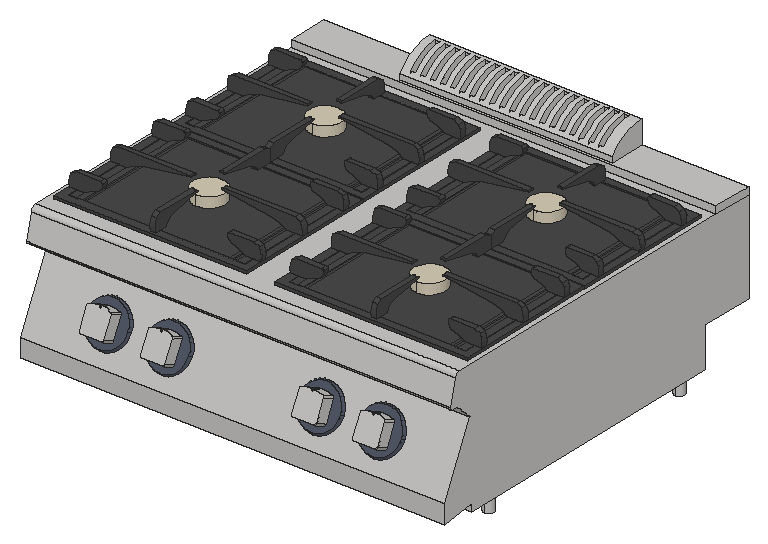
Revit family "QF_ZANUSSI_372001_Z7GCGH4C00", category Specialty Equipment, Revit 2018
Family settings
  Round Connector Dimension = Use Diameter
  Part Type = Normal
  Work Plane-Based = No
  Always vertical = Yes
  Cut with Voids When Loaded = No
  Shared = No
  Room Calculation Point = No
Parameters
  Width = 800 mm  # constant formula
  Weight in Pounds = 88  # constant formula
  Weight = 0.00 kg
  Watts = 0 W
  Volts = 0 V
  URL Manufacturer = "http://www.zanussiprofessional.com"
  URL Cutsheet = "www.electrolux.com"
  URL = "http://www.zanussiprofessional.com"
  Type Mark [instance] = ""
  Steam Supply Size = 0"
  Steam Supply Minimum Pressure = 0.00 psi
  Steam Supply Maximum Pressure = 0.00 psi
  Steam Pounds per Hour = 0
  Status [instance] = ""
  Specification by User [instance] = ""
  Specification by Manufacturer = ""
  Show Logo [instance] = yes
  Show Clearance [instance] = yes
  Serial Number = ""
  Seismic Rating = ""
  SMACNA No = ""
  Revision Code [instance] = ""
  Refrigeration Suction Line Size = 0"
  Refrigeration Liquid Line Size = 0"
  Refrigerant Compressor Remote = yes
  Phase = 0
  Omniclass Number and Title = ""
  NAFEM Spec ID Number = ""
  Model = "Z7GCGH4C00"
  Mechanical Remarks [instance] = ""
  Mechanical Connection Type [instance] = ""
  Masterspec = ""
  Manufacturer = "Zanussi"
  Length Actual = 800 mm  # constant formula
  Item Number [instance] = "372001"
  Installed By [instance] = ""
  Identify Quantity as Lot [instance] = yes
  Hot Water Size = 0"
  Height Actual = 250 mm  # constant formula
  Height = 250 mm  # constant formula
  HP = "0 HP"
  Gas Size = 1/2"  # constant formula
  Gas RI Height [instance] = 0 mm
  Gas KW [instance] = 22  # constant formula
  Gas Input [instance] = 74998.0 Btu/h  # constant formula
  Gas Connection Height = 0 mm
  Furnished By [instance] = ""
  Foodservice Equipment Identifier [instance] = yes
  Direct Waste Size = 0"
  Description = "4-BURNER GAS BOILING TOP 800 MM"
  Depth Actual = 700 mm  # constant formula
  Depth = 715 mm  # constant formula
  Cycle = 0 Hz
  Condensate Return Size = 0"
  Compressed Air Volume = 0 GPM
  Compressed Air Size = 0"
  Compressed Air Pressure = 0.00 psi
  Cold Water Size = 0"
  CSI MasterFormat = ""
  CSI Master Format = ""
  Assembly Code = ""
  Accessory = yes
Reference planes
  plane 1 "BACK": y = 0
  plane 2: z = 0
  plane 3 "LEFT": x = 0
  plane 4 "RIGHT": x = 800
  plane 5 "FRONT": y = -715
  plane 6 "TOP": z = 302
  plane 7 "Center Y": x = 400
  plane 8 "Center X": y = -357.5
  plane 9 "Base Height": z = 24
  plane 10: z = 274
  plane 11: z = 332
  plane 12: through (-6096, -654.982, 186.002) normal (0, -0.8956, 0.4448)
Forms (mm)
  Extrusion 1, solid, material "QF_Finishes_Stainless Steel"
    sketch origin (0, 0, 0) x (0, 1, 0) y (0, 0, 1)
      loop
        line (0, 98.613) -> (0, 274.85) -> (-679.358, 274.85)
        arc (-679.358, 274.85) -> (-685.633, 272.251) -> (-688.233, 265.976) r 8.874
        line (-688.233, 265.976) -> (-699.884, 221.036)
        arc (-699.884, 221.036) -> (-699.396, 218.404) -> (-697, 217.209) r 3
        line (-697, 217.209) -> (-686.802, 217.209) -> (-654.982, 185.389) -> (-715, 65.333) -> (-715, 30.333) -> (-654.755, 38.8)
        arc (-654.755, 38.8) -> (-652.231, 38.052) -> (-651.138, 35.656) r 3.175
        line (-651.138, 35.656) -> (-651.138, 24) -> (-103.188, 24) -> (-103.188, 98.613) -> (0, 98.613)
    from 0 to 800
  Extrusion 2, solid, material "QF_Finishes_Stainless Steel"
    sketch origin (0, 0, 0) x (0, 1, 0) y (0, 0, 1)
      loop
        line (0, 274) -> (0, 287.713) -> (-76.2, 287.713) -> (-76.2, 274) -> (0, 274)
    from 0 to 800
  Extrusion 3, solid, material "QF_Finishes_Stainless Steel"
    sketch origin (0, 0, 0) x (1, 0, 0) y (0, 1, 0)
      loop
        circle (11.112, -147.826) r 9.525
      loop
        circle (788.888, -147.826) r 9.525
      loop
        circle (11.112, -598) r 9.525
      loop
        circle (788.888, -598) r 9.525
    from 0 to 23.812
  Extrusion 4, solid, material "QF_Finishes_Clearance", visible <- "Show Clearance", detail levels coarse
    sketch origin (0, 0, 0) x (1, 0, 0) y (0, 1, 0)
      loop
        line (0, -715) -> (0, 0) -> (800, 0) -> (800, -715) -> (900, -715) -> (900, 100) -> (-100, 100) -> (-100, -715) -> (0, -715)
    from 0 to 331.787
  Extrusion 5, void
    sketch origin (234.989, 0, 288.925) x (-1, 0, 0) y (0, -1, 0)
      loop
        line (-335.017, 6.761) -> (-335.017, 63.911) -> (-344.313, 63.911) -> (-344.313, 6.761) -> (-335.017, 6.761)
      loop
        line (-316.325, 6.761) -> (-316.325, 63.911) -> (-325.62, 63.911) -> (-325.62, 6.761) -> (-316.325, 6.761)
      loop
        line (-297.632, 6.761) -> (-297.632, 63.911) -> (-306.928, 63.911) -> (-306.928, 6.761) -> (-297.632, 6.761)
      loop
        line (-278.94, 6.761) -> (-278.94, 63.911) -> (-288.235, 63.911) -> (-288.235, 6.761) -> (-278.94, 6.761)
      loop
        line (-260.247, 6.761) -> (-260.247, 63.911) -> (-269.543, 63.911) -> (-269.543, 6.761) -> (-260.247, 6.761)
      loop
        line (-241.554, 6.761) -> (-241.554, 63.911) -> (-250.85, 63.911) -> (-250.85, 6.761) -> (-241.554, 6.761)
      loop
        line (-222.862, 6.761) -> (-222.862, 63.911) -> (-232.157, 63.911) -> (-232.157, 6.761) -> (-222.862, 6.761)
      loop
        line (-204.169, 6.761) -> (-204.169, 63.911) -> (-213.465, 63.911) -> (-213.465, 6.761) -> (-204.169, 6.761)
      loop
        line (-185.476, 6.761) -> (-185.476, 63.911) -> (-194.772, 63.911) -> (-194.772, 6.761) -> (-185.476, 6.761)
      loop
        line (-166.784, 6.761) -> (-166.784, 63.911) -> (-176.08, 63.911) -> (-176.08, 6.761) -> (-166.784, 6.761)
      loop
        line (-148.091, 6.761) -> (-148.091, 63.911) -> (-157.387, 63.911) -> (-157.387, 6.761) -> (-148.091, 6.761)
      loop
        line (-129.399, 6.761) -> (-129.399, 63.911) -> (-138.694, 63.911) -> (-138.694, 6.761) -> (-129.399, 6.761)
      loop
        line (-110.706, 6.761) -> (-110.706, 63.911) -> (-120.002, 63.911) -> (-120.002, 6.761) -> (-110.706, 6.761)
      loop
        line (-92.013, 6.761) -> (-92.013, 63.911) -> (-101.309, 63.911) -> (-101.309, 6.761) -> (-92.013, 6.761)
      loop
        line (-73.321, 6.761) -> (-73.321, 63.911) -> (-82.617, 63.911) -> (-82.617, 6.761) -> (-73.321, 6.761)
      loop
        line (-54.628, 6.761) -> (-54.628, 63.911) -> (-63.924, 63.911) -> (-63.924, 6.761) -> (-54.628, 6.761)
      loop
        line (-35.936, 6.761) -> (-35.936, 63.911) -> (-45.231, 63.911) -> (-45.231, 6.761) -> (-35.936, 6.761)
      loop
        line (-17.243, 6.761) -> (-17.243, 63.911) -> (-26.539, 63.911) -> (-26.539, 6.761) -> (-17.243, 6.761)
      loop
        line (1.45, 6.761) -> (1.45, 63.911) -> (-7.846, 63.911) -> (-7.846, 6.761) -> (1.45, 6.761)
      loop
        line (20.142, 6.761) -> (20.142, 63.911) -> (10.846, 63.911) -> (10.846, 6.761) -> (20.142, 6.761)
    from 9.525 to 45.348
  Extrusion 6, solid, material "QF_Finishes_Stainless Steel"
    sketch origin (200, 0, 14.288) x (0, 1, 0) y (0, 0, 1)
      loop
        line (0, 273.425) -> (0, 317.712)
        arc (0, 317.712) -> (-39.205, 308.931) -> (-69.85, 282.95) r 84.021
        line (-69.85, 282.95) -> (-69.85, 273.425) -> (0, 273.425)
    from 0 to 400
  Blend 7, solid, material "QF_Finishes_Navy Blue"
    base sketch origin (142.5, -684.991, 125.574) x (1, 0, 0) y (0, 0.444781, 0.895639)
      loop
        circle (0, 0) r 42.5
    top sketch origin (142.5, -684.991, 125.574) x (1, 0, 0) y (0, 0.444781, 0.895639)
      loop
        circle (0, 0) r 40.5
    from 0 to 5
  Extrusion 8, solid, material "QF_Finishes_Stainless Steel"
    sketch origin (142.5, -684.991, 125.574) x (1, 0, 0) y (0, 0.444781, 0.895639)
      loop
        arc (-21.147, 22.789) -> (-22.494, 21.685) -> (-23, 20.019) r 2.997
        line (-23, 20.019) -> (-23, -20.019)
        arc (-23, -20.019) -> (-22.122, -22.138) -> (-20.003, -23.016) r 2.997
        line (-20.003, -23.016) -> (20.003, -23.016)
        arc (20.003, -23.016) -> (22.122, -22.138) -> (23, -20.019) r 2.997
        line (23, -20.019) -> (23, 20.019)
        arc (23, 20.019) -> (22.494, 21.685) -> (21.147, 22.789) r 2.997
        arc (21.147, 22.789) -> (0, 26.984) -> (-21.147, 22.789) r 55.4
    from 10 to 34
  Extrusion 9, solid, material "QF_Plastic-Black-Matte"
    sketch origin (200, -684.991, 125.574) x (0, 0.444781, 0.895639) y (0, -0.895639, 0.444781)
      loop
        line (26.984, 34) -> (26.984, 19) -> (27.984, 19) -> (27.984, 34)
        arc (27.984, 34) -> (27.691, 34.707) -> (26.984, 35) r 1
        line (26.984, 35) -> (23.984, 35) -> (23.984, 34) -> (26.984, 34)
    from -58.5 to -56.5
  Extrusion 10, solid, material "QF_Finishes_Stainless Steel"
    sketch origin (142.5, -684.991, 125.574) x (1, 0, 0) y (0, 0.444781, 0.895639)
      loop
        line (17.5, 17.5) -> (-17.5, 17.5) -> (-17.5, -17.5) -> (17.5, -17.5) -> (17.5, 17.5)
    from 5 to 10
  Extrusion 11, solid, material "QF_Plastic-Black-Matte"
    sketch origin (200, -684.991, 125.574) x (0, 0.444781, 0.895639) y (0, 0.895639, -0.444781)
      loop
        line (26.984, -34) -> (23.984, -34) -> (23.984, -35) -> (26.984, -35)
        arc (26.984, -35) -> (27.691, -34.707) -> (27.984, -34) r 1
        line (27.984, -34) -> (27.984, -19) -> (26.984, -19) -> (26.984, -34)
    from -58.5 to -56.5
  Extrusion 12, solid, material "QF_Finishes_Stainless Steel"
    sketch origin (257.5, -684.991, 125.574) x (-1, 0, 0) y (0, -0.444781, -0.895639)
      loop
        line (17.5, -17.5) -> (17.5, 17.5) -> (-17.5, 17.5) -> (-17.5, -17.5) -> (17.5, -17.5)
    from 5 to 10
  Blend 13, solid, material "QF_Finishes_Navy Blue"
    base sketch origin (257.5, -684.991, 125.574) x (1, 0, 0) y (0, 0.444781, 0.895639)
      loop
        circle (0, 0) r 42.5
    top sketch origin (257.5, -684.991, 125.574) x (1, 0, 0) y (0, 0.444781, 0.895639)
      loop
        circle (0, 0) r 40.5
    from 0 to 5
  Extrusion 14, solid, material "QF_Finishes_Stainless Steel"
    sketch origin (257.5, -684.991, 125.574) x (-1, 0, 0) y (0, -0.444781, -0.895639)
      loop
        arc (-21.147, -22.789) -> (0, -26.984) -> (21.147, -22.789) r 55.4
        arc (21.147, -22.789) -> (22.494, -21.685) -> (23, -20.019) r 2.997
        line (23, -20.019) -> (23, 20.019)
        arc (23, 20.019) -> (22.122, 22.138) -> (20.003, 23.016) r 2.997
        line (20.003, 23.016) -> (-20.003, 23.016)
        arc (-20.003, 23.016) -> (-22.122, 22.138) -> (-23, 20.019) r 2.997
        line (-23, 20.019) -> (-23, -20.019)
        arc (-23, -20.019) -> (-22.494, -21.685) -> (-21.147, -22.789) r 2.997
    from 10 to 34
  Blend 15, solid, material "QF_Finishes_Navy Blue"
    base sketch origin (542.5, -684.991, 125.574) x (1, 0, 0) y (0, 0.444781, 0.895639)
      loop
        circle (0, 0) r 42.5
    top sketch origin (542.5, -684.991, 125.574) x (1, 0, 0) y (0, 0.444781, 0.895639)
      loop
        circle (0, 0) r 40.5
    from 0 to 5
  Extrusion 16, solid, material "QF_Finishes_Stainless Steel"
    sketch origin (542.5, -684.991, 125.574) x (1, 0, 0) y (0, 0.444781, 0.895639)
      loop
        arc (-21.147, 22.789) -> (-22.494, 21.685) -> (-23, 20.019) r 2.997
        line (-23, 20.019) -> (-23, -20.019)
        arc (-23, -20.019) -> (-22.122, -22.138) -> (-20.003, -23.016) r 2.997
        line (-20.003, -23.016) -> (20.003, -23.016)
        arc (20.003, -23.016) -> (22.122, -22.138) -> (23, -20.019) r 2.997
        line (23, -20.019) -> (23, 20.019)
        arc (23, 20.019) -> (22.494, 21.685) -> (21.147, 22.789) r 2.997
        arc (21.147, 22.789) -> (0, 26.984) -> (-21.147, 22.789) r 55.4
    from 10 to 34
  Extrusion 17, solid, material "QF_Plastic-Black-Matte"
    sketch origin (600, -684.991, 125.574) x (0, 0.444781, 0.895639) y (0, -0.895639, 0.444781)
      loop
        line (26.984, 34) -> (26.984, 19) -> (27.984, 19) -> (27.984, 34)
        arc (27.984, 34) -> (27.691, 34.707) -> (26.984, 35) r 1
        line (26.984, 35) -> (23.984, 35) -> (23.984, 34) -> (26.984, 34)
    from -58.5 to -56.5
  Extrusion 18, solid, material "QF_Finishes_Stainless Steel"
    sketch origin (542.5, -684.991, 125.574) x (1, 0, 0) y (0, 0.444781, 0.895639)
      loop
        line (17.5, 17.5) -> (-17.5, 17.5) -> (-17.5, -17.5) -> (17.5, -17.5) -> (17.5, 17.5)
    from 5 to 10
  Extrusion 19, solid, material "QF_Plastic-Black-Matte"
    sketch origin (600, -684.991, 125.574) x (0, 0.444781, 0.895639) y (0, 0.895639, -0.444781)
      loop
        line (26.984, -34) -> (23.984, -34) -> (23.984, -35) -> (26.984, -35)
        arc (26.984, -35) -> (27.691, -34.707) -> (27.984, -34) r 1
        line (27.984, -34) -> (27.984, -19) -> (26.984, -19) -> (26.984, -34)
    from -58.5 to -56.5
  Extrusion 20, solid, material "QF_Finishes_Stainless Steel"
    sketch origin (657.5, -684.991, 125.574) x (-1, 0, 0) y (0, -0.444781, -0.895639)
      loop
        line (17.5, -17.5) -> (17.5, 17.5) -> (-17.5, 17.5) -> (-17.5, -17.5) -> (17.5, -17.5)
    from 5 to 10
  Blend 21, solid, material "QF_Finishes_Navy Blue"
    base sketch origin (657.5, -684.991, 125.574) x (1, 0, 0) y (0, 0.444781, 0.895639)
      loop
        circle (0, 0) r 42.5
    top sketch origin (657.5, -684.991, 125.574) x (1, 0, 0) y (0, 0.444781, 0.895639)
      loop
        circle (0, 0) r 40.5
    from 0 to 5
  Extrusion 22, solid, material "QF_Finishes_Stainless Steel"
    sketch origin (657.5, -684.991, 125.574) x (-1, 0, 0) y (0, -0.444781, -0.895639)
      loop
        arc (-21.147, -22.789) -> (0, -26.984) -> (21.147, -22.789) r 55.4
        arc (21.147, -22.789) -> (22.494, -21.685) -> (23, -20.019) r 2.997
        line (23, -20.019) -> (23, 20.019)
        arc (23, 20.019) -> (22.122, 22.138) -> (20.003, 23.016) r 2.997
        line (20.003, 23.016) -> (-20.003, 23.016)
        arc (-20.003, 23.016) -> (-22.122, 22.138) -> (-23, 20.019) r 2.997
        line (-23, 20.019) -> (-23, -20.019)
        arc (-23, -20.019) -> (-22.494, -21.685) -> (-21.147, -22.789) r 2.997
    from 10 to 34
  Extrusion 23, solid, material "QF_Finishes_Stainless Steel"
    sketch origin (0, 0, 0) x (1, 0, 0) y (0, 0, 1)
      loop
        circle (747, 57) r 6.35
    from 83.2 to 103.2
Cuts and joins
  Extrusion 5 cuts Extrusion 4
  Extrusion 5 cuts Extrusion 6
Lines and regions (mm)
  Split face 1
    outline origin (142.5, -689.469, 127.797) x (1, 0, 0) y (0, 0.444781, 0.895639)
      loop
        circle (-33, 0) r 3
  Split face 2
    outline origin (263.401, -689.469, 127.797) x (1, 0, 0) y (0, 0.444781, 0.895639)
      loop
        line (-8.901, 38.561) -> (-8.901, 28.561) -> (-2.901, 28.561) -> (-2.901, 38.561) -> (-8.901, 38.561)
  Split face 3
    outline origin (263.401, -689.469, 127.797) x (1, 0, 0) y (0, 0.444781, 0.895639)
      loop
        line (-8.401, 38.061) -> (-8.401, 29.061) -> (-3.401, 29.061) -> (-3.401, 38.061) -> (-8.401, 38.061)
  Split face 4
    outline origin (263.401, -689.469, 127.797) x (1, 0, 0) y (0, 0.444781, 0.895639)
      loop
        line (-8.401, 33.561) -> (-3.401, 33.561)
  Split face 5
    outline origin (263.401, -689.469, 127.797) x (1, 0, 0) y (0, 0.444781, 0.895639)
      loop
        line (-8.401, 33.061) -> (-3.401, 33.061)
  Split face 6
    outline origin (148.401, -689.469, 127.797) x (1, 0, 0) y (0, 0.444781, 0.895639)
      loop
        line (-8.901, 38.561) -> (-8.901, 28.561) -> (-2.901, 28.561) -> (-2.901, 38.561) -> (-8.901, 38.561)
  Split face 7
    outline origin (148.401, -689.469, 127.797) x (1, 0, 0) y (0, 0.444781, 0.895639)
      loop
        line (-8.401, 38.061) -> (-8.401, 29.061) -> (-3.401, 29.061) -> (-3.401, 38.061) -> (-8.401, 38.061)
  Split face 8
    outline origin (148.401, -689.469, 127.797) x (1, 0, 0) y (0, 0.444781, 0.895639)
      loop
        line (-8.401, 34.061) -> (-3.401, 34.061)
  Split face 9
    outline origin (148.401, -689.469, 127.797) x (1, 0, 0) y (0, 0.444781, 0.895639)
      loop
        line (-8.401, 33.561) -> (-3.401, 33.561)
  Split face 10
    outline origin (168.157, -675.159, 156.613) x (-1, 0, 0) y (0, -0.444781, -0.895639)
      loop
        circle (43.456, 61.543) r 1.5
  Split face 11
    outline origin (148.401, -689.469, 127.797) x (1, 0, 0) y (0, 0.444781, 0.895639)
      loop
        circle (-5.901, 31.311) r 2.029
  Split face 12
    outline origin (263.401, -689.469, 127.797) x (1, 0, 0) y (0, 0.444781, 0.895639)
      loop
        circle (-5.901, 35.811) r 2.031
  Split face 13
    outline origin (142.5, -689.469, 127.797) x (1, 0, 0) y (0, 0.444781, 0.895639)
      loop
        circle (-24.487, 26.694) r 3.497
  Split face 14
    outline origin (257.5, -689.469, 127.797) x (1, 0, 0) y (0, 0.444781, 0.895639)
      loop
        circle (-24.487, 26.694) r 3.497
  Split face 15
    outline origin (257.5, -689.469, 127.797) x (1, 0, 0) y (0, 0.444781, 0.895639)
      loop
        circle (-33, 0) r 3
  Split face 16
    outline origin (257.5, -689.469, 127.797) x (1, 0, 0) y (0, 0.444781, 0.895639)
      loop
        circle (-17.8, -29.371) r 1.5
  Split face 17
    outline origin (542.5, -689.469, 127.797) x (1, 0, 0) y (0, 0.444781, 0.895639)
      loop
        circle (-33, 0) r 3
  Split face 18
    outline origin (663.401, -689.469, 127.797) x (1, 0, 0) y (0, 0.444781, 0.895639)
      loop
        line (-8.901, 38.561) -> (-8.901, 28.561) -> (-2.901, 28.561) -> (-2.901, 38.561) -> (-8.901, 38.561)
  Split face 19
    outline origin (663.401, -689.469, 127.797) x (1, 0, 0) y (0, 0.444781, 0.895639)
      loop
        line (-8.401, 38.061) -> (-8.401, 29.061) -> (-3.401, 29.061) -> (-3.401, 38.061) -> (-8.401, 38.061)
  Split face 20
    outline origin (663.401, -689.469, 127.797) x (1, 0, 0) y (0, 0.444781, 0.895639)
      loop
        line (-8.401, 33.561) -> (-3.401, 33.561)
  Split face 21
    outline origin (663.401, -689.469, 127.797) x (1, 0, 0) y (0, 0.444781, 0.895639)
      loop
        line (-8.401, 33.061) -> (-3.401, 33.061)
  Split face 22
    outline origin (548.401, -689.469, 127.797) x (1, 0, 0) y (0, 0.444781, 0.895639)
      loop
        line (-8.901, 38.561) -> (-8.901, 28.561) -> (-2.901, 28.561) -> (-2.901, 38.561) -> (-8.901, 38.561)
  Split face 23
    outline origin (548.401, -689.469, 127.797) x (1, 0, 0) y (0, 0.444781, 0.895639)
      loop
        line (-8.401, 38.061) -> (-8.401, 29.061) -> (-3.401, 29.061) -> (-3.401, 38.061) -> (-8.401, 38.061)
  Split face 24
    outline origin (548.401, -689.469, 127.797) x (1, 0, 0) y (0, 0.444781, 0.895639)
      loop
        line (-8.401, 34.061) -> (-3.401, 34.061)
  Split face 25
    outline origin (548.401, -689.469, 127.797) x (1, 0, 0) y (0, 0.444781, 0.895639)
      loop
        line (-8.401, 33.561) -> (-3.401, 33.561)
  Split face 26
    outline origin (568.157, -675.159, 156.613) x (-1, 0, 0) y (0, -0.444781, -0.895639)
      loop
        circle (43.456, 61.543) r 1.5
  Split face 27
    outline origin (548.401, -689.469, 127.797) x (1, 0, 0) y (0, 0.444781, 0.895639)
      loop
        circle (-5.901, 31.311) r 2.029
  Split face 28
    outline origin (663.401, -689.469, 127.797) x (1, 0, 0) y (0, 0.444781, 0.895639)
      loop
        circle (-5.901, 35.811) r 2.031
  Split face 29
    outline origin (542.5, -689.469, 127.797) x (1, 0, 0) y (0, 0.444781, 0.895639)
      loop
        circle (-24.487, 26.694) r 3.497
  Split face 30
    outline origin (657.5, -689.469, 127.797) x (1, 0, 0) y (0, 0.444781, 0.895639)
      loop
        circle (-24.487, 26.694) r 3.497
  Split face 31
    outline origin (657.5, -689.469, 127.797) x (1, 0, 0) y (0, 0.444781, 0.895639)
      loop
        circle (-33, 0) r 3
  Split face 32
    outline origin (657.5, -689.469, 127.797) x (1, 0, 0) y (0, 0.444781, 0.895639)
      loop
        circle (-17.8, -29.371) r 1.5
  symbolic lines
    curve 1: line (0, 0, 0) -> (0, -715.129, 0)
    curve 2: line (800, 0, 0) -> (0, 0, 0)
    curve 3: line (800, -715.129, 0) -> (800, 0, 0)
    curve 4: line (0, -76.2, 0) -> (800, -76.2, 0)
    curve 5: line (0, -69.85, 0) -> (800, -69.85, 0)
    curve 9: line (214.847, -63.911, 0) -> (214.847, -6.761, 0)
    curve 10: line (214.847, -6.761, 0) -> (224.143, -6.761, 0)
    curve 11: line (224.143, -6.761, 0) -> (224.143, -63.911, 0)
    curve 12: line (224.143, -63.911, 0) -> (214.847, -63.911, 0)
    curve 13: line (233.539, -63.911, 0) -> (233.539, -6.761, 0)
    curve 14: line (233.539, -6.761, 0) -> (242.835, -6.761, 0)
    curve 15: line (242.835, -6.761, 0) -> (242.835, -63.911, 0)
    curve 16: line (242.835, -63.911, 0) -> (233.539, -63.911, 0)
    curve 17: line (252.232, -63.911, 0) -> (252.232, -6.761, 0)
    curve 18: line (252.232, -6.761, 0) -> (261.528, -6.761, 0)
    curve 19: line (261.528, -6.761, 0) -> (261.528, -63.911, 0)
    curve 20: line (261.528, -63.911, 0) -> (252.232, -63.911, 0)
    curve 21: line (270.925, -63.911, 0) -> (270.925, -6.761, 0)
    curve 22: line (270.925, -6.761, 0) -> (280.22, -6.761, 0)
    curve 23: line (280.22, -6.761, 0) -> (280.22, -63.911, 0)
    curve 24: line (280.22, -63.911, 0) -> (270.925, -63.911, 0)
    curve 25: line (289.617, -63.911, 0) -> (289.617, -6.761, 0)
    curve 26: line (289.617, -6.761, 0) -> (298.913, -6.761, 0)
    curve 27: line (298.913, -6.761, 0) -> (298.913, -63.911, 0)
    curve 28: line (298.913, -63.911, 0) -> (289.617, -63.911, 0)
    curve 29: line (308.31, -63.911, 0) -> (308.31, -6.761, 0)
    curve 30: line (308.31, -6.761, 0) -> (317.606, -6.761, 0)
    curve 31: line (317.606, -6.761, 0) -> (317.606, -63.911, 0)
    curve 32: line (317.606, -63.911, 0) -> (308.31, -63.911, 0)
    curve 33: line (327.002, -63.911, 0) -> (327.002, -6.761, 0)
    curve 34: line (327.002, -6.761, 0) -> (336.298, -6.761, 0)
    curve 35: line (336.298, -6.761, 0) -> (336.298, -63.911, 0)
    curve 36: line (336.298, -63.911, 0) -> (327.002, -63.911, 0)
    curve 37: line (345.695, -63.911, 0) -> (345.695, -6.761, 0)
    curve 38: line (345.695, -6.761, 0) -> (354.991, -6.761, 0)
    curve 39: line (354.991, -6.761, 0) -> (354.991, -63.911, 0)
    curve 40: line (354.991, -63.911, 0) -> (345.695, -63.911, 0)
    curve 41: line (364.388, -63.911, 0) -> (364.388, -6.761, 0)
    curve 42: line (364.388, -6.761, 0) -> (373.683, -6.761, 0)
    curve 43: line (373.683, -6.761, 0) -> (373.683, -63.911, 0)
    curve 44: line (373.683, -63.911, 0) -> (364.388, -63.911, 0)
    curve 45: line (383.08, -63.911, 0) -> (383.08, -6.761, 0)
    curve 46: line (383.08, -6.761, 0) -> (392.376, -6.761, 0)
    curve 47: line (392.376, -6.761, 0) -> (392.376, -63.911, 0)
    curve 48: line (392.376, -63.911, 0) -> (383.08, -63.911, 0)
    curve 49: line (401.773, -63.911, 0) -> (401.773, -6.761, 0)
    curve 50: line (401.773, -6.761, 0) -> (411.069, -6.761, 0)
    curve 51: line (411.069, -6.761, 0) -> (411.069, -63.911, 0)
    curve 52: line (411.069, -63.911, 0) -> (401.773, -63.911, 0)
    curve 53: line (420.466, -63.911, 0) -> (420.466, -6.761, 0)
    curve 54: line (420.466, -6.761, 0) -> (429.761, -6.761, 0)
    curve 55: line (429.761, -6.761, 0) -> (429.761, -63.911, 0)
    curve 56: line (429.761, -63.911, 0) -> (420.466, -63.911, 0)
    curve 57: line (439.158, -63.911, 0) -> (439.158, -6.761, 0)
    curve 58: line (439.158, -6.761, 0) -> (448.454, -6.761, 0)
    curve 59: line (448.454, -6.761, 0) -> (448.454, -63.911, 0)
    curve 60: line (448.454, -63.911, 0) -> (439.158, -63.911, 0)
    curve 61: line (570.006, -63.911, 0) -> (570.006, -6.761, 0)
    curve 62: line (570.006, -6.761, 0) -> (579.302, -6.761, 0)
    curve 63: line (579.302, -6.761, 0) -> (579.302, -63.911, 0)
    curve 64: line (579.302, -63.911, 0) -> (570.006, -63.911, 0)
    curve 65: line (551.314, -63.911, 0) -> (551.314, -6.761, 0)
    curve 66: line (551.314, -6.761, 0) -> (560.61, -6.761, 0)
    curve 67: line (560.61, -6.761, 0) -> (560.61, -63.911, 0)
    curve 68: line (560.61, -63.911, 0) -> (551.314, -63.911, 0)
    curve 69: line (532.621, -63.911, 0) -> (532.621, -6.761, 0)
    curve 70: line (532.621, -6.761, 0) -> (541.917, -6.761, 0)
    curve 71: line (541.917, -6.761, 0) -> (541.917, -63.911, 0)
    curve 72: line (541.917, -63.911, 0) -> (532.621, -63.911, 0)
    curve 73: line (513.929, -63.911, 0) -> (513.929, -6.761, 0)
    curve 74: line (513.929, -6.761, 0) -> (523.224, -6.761, 0)
    curve 75: line (523.224, -6.761, 0) -> (523.224, -63.911, 0)
    curve 76: line (523.224, -63.911, 0) -> (513.929, -63.911, 0)
    curve 77: line (495.236, -63.911, 0) -> (495.236, -6.761, 0)
    curve 78: line (495.236, -6.761, 0) -> (504.532, -6.761, 0)
    curve 79: line (504.532, -6.761, 0) -> (504.532, -63.911, 0)
    curve 80: line (504.532, -63.911, 0) -> (495.236, -63.911, 0)
    curve 81: line (476.543, -63.911, 0) -> (476.543, -6.761, 0)
    curve 82: line (476.543, -6.761, 0) -> (485.839, -6.761, 0)
    curve 83: line (485.839, -6.761, 0) -> (485.839, -63.911, 0)
    curve 84: line (485.839, -63.911, 0) -> (476.543, -63.911, 0)
    curve 85: line (457.851, -63.911, 0) -> (457.851, -6.761, 0)
    curve 86: line (457.851, -6.761, 0) -> (467.146, -6.761, 0)
    curve 87: line (467.146, -6.761, 0) -> (467.146, -63.911, 0)
    curve 88: line (467.146, -63.911, 0) -> (457.851, -63.911, 0)
    curve 89: line (0, -700, 0) -> (400.05, -700, 0)
    curve 90: line (119.525, -700, 0) -> (119.525, -724.347, 0)
    curve 91: arc (119.525, -724.347, 0) -> (119.671, -724.811, 0) -> (120.057, -725.107, 0) r 0.809
    curve 92: arc (120.057, -725.107, 0) -> (121.245, -725.587, 0) -> (122.522, -725.68, 0) r 4.127
    curve 93: arc (119.525, -704.292, 0) -> (114.484, -702.458, 0) -> (109.716, -700, 0) r 42.24
    curve 94: arc (119.525, -706.539, 0) -> (120.027, -705.818, 0) -> (120.824, -705.448, 0) r 1.682
    curve 95: arc (120.824, -705.448, 0) -> (131.127, -703.95, 0) -> (141.525, -703.441, 0) r 109.079
    curve 96: line (141.525, -700, 0) -> (141.525, -705.671, 0)
    curve 97: line (141.525, -705.671, 0) -> (143.525, -705.671, 0)
    curve 98: line (143.525, -705.671, 0) -> (143.525, -700, 0)
    curve 99: line (165.525, -700, 0) -> (165.525, -724.347, 0)
    curve 100: arc (165.525, -724.347, 0) -> (165.379, -724.811, 0) -> (164.993, -725.107, 0) r 0.809
    curve 101: arc (164.993, -725.107, 0) -> (163.805, -725.587, 0) -> (162.528, -725.68, 0) r 4.127
    curve 102: arc (165.525, -704.292, 0) -> (170.566, -702.458, 0) -> (175.334, -700, 0) r 42.24
    curve 103: arc (165.525, -706.539, 0) -> (165.023, -705.818, 0) -> (164.226, -705.448, 0) r 1.682
    curve 104: arc (164.226, -705.448, 0) -> (153.923, -703.95, 0) -> (143.525, -703.441, 0) r 109.079
    curve 105: line (122.522, -725.68, 0) -> (162.528, -725.68, 0)
    curve 106: line (280.525, -700, 0) -> (280.525, -724.347, 0)
    curve 107: arc (280.525, -724.347, 0) -> (280.379, -724.811, 0) -> (279.993, -725.107, 0) r 0.809
    curve 108: arc (279.993, -725.107, 0) -> (278.805, -725.587, 0) -> (277.528, -725.68, 0) r 4.127
    curve 109: arc (280.525, -704.292, 0) -> (285.566, -702.458, 0) -> (290.334, -700, 0) r 42.24
    curve 110: arc (280.525, -706.539, 0) -> (280.023, -705.818, 0) -> (279.226, -705.448, 0) r 1.682
    curve 111: arc (279.226, -705.448, 0) -> (268.923, -703.95, 0) -> (258.525, -703.441, 0) r 109.079
    curve 112: line (258.525, -700, 0) -> (258.525, -705.671, 0)
    curve 113: line (258.525, -705.671, 0) -> (256.525, -705.671, 0)
    curve 114: line (256.525, -705.671, 0) -> (256.525, -700, 0)
    curve 115: line (234.525, -700, 0) -> (234.525, -724.347, 0)
    curve 116: arc (234.525, -724.347, 0) -> (234.671, -724.811, 0) -> (235.057, -725.107, 0) r 0.809
    curve 117: arc (235.057, -725.107, 0) -> (236.245, -725.587, 0) -> (237.522, -725.68, 0) r 4.127
    curve 118: arc (234.525, -704.292, 0) -> (229.484, -702.458, 0) -> (224.716, -700, 0) r 42.24
    curve 119: arc (234.525, -706.539, 0) -> (235.027, -705.818, 0) -> (235.824, -705.448, 0) r 1.682
    curve 120: arc (235.824, -705.448, 0) -> (246.127, -703.95, 0) -> (256.525, -703.441, 0) r 109.079
    curve 121: line (277.528, -725.68, 0) -> (237.522, -725.68, 0)
    curve 122: line (165.525, -715, 0) -> (234.525, -715, 0)
    curve 123: line (280.525, -715, 0) -> (400.05, -715, 0)
    curve 124: line (0, -715, 0) -> (119.525, -715, 0)
    curve 125: line (400.05, -700, 0) -> (800.05, -700, 0)
    curve 126: line (519.525, -700, 0) -> (519.525, -724.347, 0)
    curve 127: arc (519.525, -724.347, 0) -> (519.671, -724.811, 0) -> (520.057, -725.107, 0) r 0.809
    curve 128: arc (520.057, -725.107, 0) -> (521.245, -725.587, 0) -> (522.522, -725.68, 0) r 4.127
    curve 129: arc (519.525, -704.292, 0) -> (514.484, -702.458, 0) -> (509.716, -700, 0) r 42.24
    curve 130: arc (519.525, -706.539, 0) -> (520.027, -705.818, 0) -> (520.824, -705.448, 0) r 1.682
    curve 131: arc (520.824, -705.448, 0) -> (531.127, -703.95, 0) -> (541.525, -703.441, 0) r 109.079
    curve 132: line (541.525, -700, 0) -> (541.525, -705.671, 0)
    curve 133: line (541.525, -705.671, 0) -> (543.525, -705.671, 0)
    curve 134: line (543.525, -705.671, 0) -> (543.525, -700, 0)
    curve 135: line (565.525, -700, 0) -> (565.525, -724.347, 0)
    curve 136: arc (565.525, -724.347, 0) -> (565.379, -724.811, 0) -> (564.993, -725.107, 0) r 0.809
    curve 137: arc (564.993, -725.107, 0) -> (563.805, -725.587, 0) -> (562.528, -725.68, 0) r 4.127
    curve 138: arc (565.525, -704.292, 0) -> (570.566, -702.458, 0) -> (575.334, -700, 0) r 42.24
    curve 139: arc (565.525, -706.539, 0) -> (565.023, -705.818, 0) -> (564.226, -705.448, 0) r 1.682
    curve 140: arc (564.226, -705.448, 0) -> (553.923, -703.95, 0) -> (543.525, -703.441, 0) r 109.079
    curve 141: line (522.522, -725.68, 0) -> (562.528, -725.68, 0)
    curve 142: line (680.525, -700, 0) -> (680.525, -724.347, 0)
    curve 143: arc (680.525, -724.347, 0) -> (680.379, -724.811, 0) -> (679.993, -725.107, 0) r 0.809
    curve 144: arc (679.993, -725.107, 0) -> (678.805, -725.587, 0) -> (677.528, -725.68, 0) r 4.127
    curve 145: arc (680.525, -704.292, 0) -> (685.566, -702.458, 0) -> (690.334, -700, 0) r 42.24
    curve 146: arc (680.525, -706.539, 0) -> (680.023, -705.818, 0) -> (679.226, -705.448, 0) r 1.682
    curve 147: arc (679.226, -705.448, 0) -> (668.923, -703.95, 0) -> (658.525, -703.441, 0) r 109.079
    curve 148: line (658.525, -700, 0) -> (658.525, -705.671, 0)
    curve 149: line (658.525, -705.671, 0) -> (656.525, -705.671, 0)
    curve 150: line (656.525, -705.671, 0) -> (656.525, -700, 0)
    curve 151: line (634.525, -700, 0) -> (634.525, -724.347, 0)
    curve 152: arc (634.525, -724.347, 0) -> (634.671, -724.811, 0) -> (635.057, -725.107, 0) r 0.809
    curve 153: arc (635.057, -725.107, 0) -> (636.245, -725.587, 0) -> (637.522, -725.68, 0) r 4.127
    curve 154: arc (634.525, -704.292, 0) -> (629.484, -702.458, 0) -> (624.716, -700, 0) r 42.24
    curve 155: arc (634.525, -706.539, 0) -> (635.027, -705.818, 0) -> (635.824, -705.448, 0) r 1.682
    curve 156: arc (635.824, -705.448, 0) -> (646.127, -703.95, 0) -> (656.525, -703.441, 0) r 109.079
    curve 157: line (677.528, -725.68, 0) -> (637.522, -725.68, 0)
    curve 158: line (565.525, -715, 0) -> (634.525, -715, 0)
    curve 159: line (680.525, -715, 0) -> (800.05, -715, 0)
    curve 160: line (400.05, -715, 0) -> (519.525, -715, 0)
  symbolic lines, style "QF-Clearances", visible <- "Show Clearance", detail levels coarse
    curve 6: line (-100, -715, 0) -> (-100, 100, 0)
    curve 7: line (-100, 100, 0) -> (900, 100, 0)
    curve 8: line (900, 100, 0) -> (900, -715, 0)
Dimensions and locks
  equal spacing: plane 3 "LEFT", plane 7 "Center Y", plane 4 "RIGHT"
  "Width": plane 3 "LEFT" to plane 4 "RIGHT"
  equal spacing: plane 5 "FRONT", plane 8 "Center X", plane 1 "BACK"
  "Depth": plane 5 "FRONT" to plane 1 "BACK"
  plane 9 "Base Height" to level = 24 mm
  "Height": plane 10 to plane 9 "Base Height"
  plane 6 "TOP" to plane 10 = 28 mm
  plane 11 to level = 332 mm
  aligned and locked: level to plane 2
Automatic sketch dimensions
  Extrusion 2 sketch curve to plane 10 = 0 mm
  Extrusion 2 sketch curve to plane 1 "BACK" = 0 mm
  Extrusion 2 sketch curve to plane 6 "TOP" = 14.287 mm
  plane 1 "BACK" to Extrusion 2 sketch curve = 76.2 mm
  plane 5 "FRONT" to Extrusion 4 sketch curve = 0 mm  (x2)
  plane 1 "BACK" to Extrusion 4 sketch curve = 0 mm
  Extrusion 4 sketch curve to plane 3 "LEFT" = 0 mm
  Extrusion 4 sketch curve to plane 4 "RIGHT" = 0 mm
  Extrusion 4 sketch curve to plane 3 "LEFT" = 100 mm
  plane 4 "RIGHT" to Extrusion 4 sketch curve = 100 mm
  Extrusion 4 sketch curve to plane 1 "BACK" = 100 mm
  plane 1 "BACK" to Extrusion 5 sketch curve = 6.761 mm  (x20)
  plane 7 "Center Y" to Extrusion 5 sketch curve = 179.302 mm
  Extrusion 5 sketch curve to Extrusion 5 sketch curve = 9.296 mm  (x19)
  Extrusion 5 sketch curve to Extrusion 5 sketch curve = 9.397 mm  (x18)
  plane 7 "Center Y" to Extrusion 5 sketch curve = 1.773 mm
  Extrusion 5 sketch curve to plane 7 "Center Y" = 7.624 mm
  Extrusion 5 sketch curve to Extrusion 5 sketch curve = 57.15 mm
  Extrusion 5 sketch curve to Extrusion 5 sketch curve = 0 mm  (x19)
  Extrusion 6 sketch curve to plane 1 "BACK" = 0 mm
  Extrusion 6 sketch curve to plane 11 = 0 mm
  plane 1 "BACK" to Extrusion 6 sketch curve = 1.769 mm
  Extrusion 6 sketch curve to plane 6 "TOP" = 4.763 mm
  plane 1 "BACK" to Extrusion 6 sketch curve = 69.85 mm
  Extrusion 6 sketch curve to plane 6 "TOP" = 14.287 mm
  plane 1 "BACK" to Extrusion 1 sketch curve = 103.188 mm
  Extrusion 1 sketch curve to plane 5 "FRONT" = 63.862 mm
  Extrusion 1 sketch curve to Extrusion 1 sketch curve = 3.175 mm
  Extrusion 1 sketch curve to Extrusion 1 sketch curve = 0.442 mm
  Extrusion 1 sketch curve to plane 10 = 88.611 mm
  Extrusion 1 sketch curve to plane 5 "FRONT" = 60.018 mm
  Extrusion 1 sketch curve to plane 11 = 57.15 mm
  Extrusion 1 sketch curve to plane 5 "FRONT" = 35.642 mm
  Extrusion 1 sketch curve to plane 10 = 56.791 mm
  Extrusion 1 sketch curve to Extrusion 1 sketch curve = 31.82 mm
  Extrusion 1 sketch curve to plane 6 "TOP" = 36.024 mm
  Extrusion 1 sketch curve to Extrusion 1 sketch curve = 10.198 mm
  Extrusion 1 sketch curve to plane 10 = 52.964 mm
  Extrusion 1 sketch curve to Extrusion 1 sketch curve = 2.884 mm
  Extrusion 1 sketch curve to plane 5 "FRONT" = 0 mm
  Extrusion 1 sketch curve to plane 1 "BACK" = 0 mm
  plane 9 "Base Height" to Extrusion 1 sketch curve = 0 mm
  plane 9 "Base Height" to Extrusion 1 sketch curve = 6.333 mm
  Extrusion 1 sketch curve to Extrusion 1 sketch curve = 11.656 mm
  Extrusion 1 sketch curve to Extrusion 1 sketch curve = 35 mm
  Extrusion 1 sketch curve to Extrusion 1 sketch curve = 74.613 mm
  Extrusion 8 sketch curve to Extrusion 8 sketch curve = 2.997 mm  (x4)
  Extrusion 8 sketch curve to Extrusion 8 sketch curve = 20.003 mm  (x2)
  Extrusion 8 sketch curve to Extrusion 8 sketch curve = 0 mm  (x2)
  Extrusion 9 sketch curve to Extrusion 9 sketch curve = 3 mm
  Extrusion 9 sketch curve to Extrusion 9 sketch curve = 0 mm  (x2)
  Extrusion 9 sketch curve to Extrusion 9 sketch curve = 1 mm
  Extrusion 10 sketch curve to Extrusion 10 sketch curve = 35 mm  (x2)
  Extrusion 11 sketch curve to Extrusion 11 sketch curve = 3 mm
  Extrusion 11 sketch curve to Extrusion 11 sketch curve = 0 mm
  Extrusion 11 sketch curve to Extrusion 11 sketch curve = 1 mm  (x2)
  Extrusion 12 sketch curve to Extrusion 12 sketch curve = 35 mm  (x2)
  Extrusion 14 sketch curve to Extrusion 14 sketch curve = 2.997 mm  (x4)
  Extrusion 14 sketch curve to Extrusion 14 sketch curve = 20.003 mm  (x2)
  Extrusion 14 sketch curve to Extrusion 14 sketch curve = 0 mm  (x2)
  Extrusion 8 sketch curve to Extrusion 8 sketch curve = 5.399 mm
  Extrusion 8 sketch curve to Extrusion 8 sketch curve = 40.037 mm
  Extrusion 9 sketch curve to Extrusion 9 sketch curve = 15 mm
  Extrusion 11 sketch curve to Extrusion 11 sketch curve = 15 mm
  Extrusion 14 sketch curve to Extrusion 14 sketch curve = 5.399 mm
  Extrusion 14 sketch curve to Extrusion 14 sketch curve = 40.037 mm
  Split face 2 sketch curve to Split face 2 sketch curve = 6 mm
  Split face 2 sketch curve to Split face 2 sketch curve = 10 mm
  Split face 3 sketch curve to Split face 3 sketch curve = 5 mm
  Split face 3 sketch curve to Split face 3 sketch curve = 9 mm
  Split face 4 sketch curve to Split face 4 sketch curve = 5 mm
  Split face 5 sketch curve to Split face 5 sketch curve = 5 mm
  Split face 6 sketch curve to Split face 6 sketch curve = 6 mm
  Split face 6 sketch curve to Split face 6 sketch curve = 10 mm
  Split face 7 sketch curve to Split face 7 sketch curve = 5 mm
  Split face 7 sketch curve to Split face 7 sketch curve = 9 mm
  Split face 8 sketch curve to Split face 8 sketch curve = 5 mm
  Split face 9 sketch curve to Split face 9 sketch curve = 5 mm
  Extrusion 16 sketch curve to Extrusion 16 sketch curve = 2.997 mm  (x4)
  Extrusion 16 sketch curve to Extrusion 16 sketch curve = 20.003 mm  (x2)
  Extrusion 16 sketch curve to Extrusion 16 sketch curve = 0 mm  (x2)
  Extrusion 17 sketch curve to Extrusion 17 sketch curve = 3 mm
  Extrusion 17 sketch curve to Extrusion 17 sketch curve = 0 mm  (x2)
  Extrusion 17 sketch curve to Extrusion 17 sketch curve = 1 mm
  Extrusion 18 sketch curve to Extrusion 18 sketch curve = 35 mm  (x2)
  Extrusion 19 sketch curve to Extrusion 19 sketch curve = 3 mm
  Extrusion 19 sketch curve to Extrusion 19 sketch curve = 0 mm
  Extrusion 19 sketch curve to Extrusion 19 sketch curve = 1 mm  (x2)
  Extrusion 20 sketch curve to Extrusion 20 sketch curve = 35 mm  (x2)
  Extrusion 22 sketch curve to Extrusion 22 sketch curve = 2.997 mm  (x4)
  Extrusion 22 sketch curve to Extrusion 22 sketch curve = 20.003 mm  (x2)
  Extrusion 22 sketch curve to Extrusion 22 sketch curve = 0 mm  (x2)
  Extrusion 16 sketch curve to Extrusion 16 sketch curve = 5.399 mm
  Extrusion 16 sketch curve to Extrusion 16 sketch curve = 40.037 mm
  Extrusion 17 sketch curve to Extrusion 17 sketch curve = 15 mm
  Extrusion 19 sketch curve to Extrusion 19 sketch curve = 15 mm
  Extrusion 22 sketch curve to Extrusion 22 sketch curve = 5.399 mm
  Extrusion 22 sketch curve to Extrusion 22 sketch curve = 40.037 mm
  Split face 18 sketch curve to Split face 18 sketch curve = 6 mm
  Split face 18 sketch curve to Split face 18 sketch curve = 10 mm
  Split face 19 sketch curve to Split face 19 sketch curve = 5 mm
  Split face 19 sketch curve to Split face 19 sketch curve = 9 mm
  Split face 20 sketch curve to Split face 20 sketch curve = 5 mm
  Split face 21 sketch curve to Split face 21 sketch curve = 5 mm
  Split face 22 sketch curve to Split face 22 sketch curve = 6 mm
  Split face 22 sketch curve to Split face 22 sketch curve = 10 mm
  Split face 23 sketch curve to Split face 23 sketch curve = 5 mm
  Split face 23 sketch curve to Split face 23 sketch curve = 9 mm
  Split face 24 sketch curve to Split face 24 sketch curve = 5 mm
  Split face 25 sketch curve to Split face 25 sketch curve = 5 mm
  plane 3 "LEFT" to Extrusion 3 sketch curve = 11.112 mm  (x2)
  Extrusion 3 sketch curve to plane 4 "RIGHT" = 11.112 mm  (x2)
  Extrusion 3 sketch curve to plane 5 "FRONT" = 117 mm  (x2)
  plane 1 "BACK" to Extrusion 3 sketch curve = 147.826 mm  (x2)
  Extrusion 3 sketch curve to Extrusion 3 sketch curve = 9.525 mm  (x4)
  plane 3 "LEFT" to Blend 7 sketch curve = 142.5 mm  (x2)
  plane 3 "LEFT" to Extrusion 8 sketch curve = 119.5 mm
  plane 12 to Extrusion 9 sketch curve = 35 mm
  Extrusion 9 sketch curve to plane 5 "FRONT" = 9.329 mm
  plane 3 "LEFT" to Extrusion 10 sketch curve = 125 mm
  plane 12 to Extrusion 11 sketch curve = 35 mm
  Extrusion 11 sketch curve to plane 5 "FRONT" = 9.329 mm
  Extrusion 12 sketch curve to plane 7 "Center Y" = 125 mm
  Blend 13 sketch curve to plane 7 "Center Y" = 142.5 mm  (x2)
  Extrusion 14 sketch curve to plane 7 "Center Y" = 119.5 mm
  plane 7 "Center Y" to Blend 15 sketch curve = 142.5 mm  (x2)
  plane 7 "Center Y" to Extrusion 16 sketch curve = 119.5 mm
  plane 12 to Extrusion 17 sketch curve = 35 mm
  Extrusion 17 sketch curve to plane 5 "FRONT" = 9.329 mm
  plane 7 "Center Y" to Extrusion 18 sketch curve = 125 mm
  plane 12 to Extrusion 19 sketch curve = 35 mm
  Extrusion 19 sketch curve to plane 5 "FRONT" = 9.329 mm
  Extrusion 20 sketch curve to plane 4 "RIGHT" = 125 mm
  Blend 21 sketch curve to plane 4 "RIGHT" = 142.5 mm  (x2)
  Extrusion 22 sketch curve to plane 4 "RIGHT" = 119.5 mm
  Extrusion 23 sketch curve to plane 4 "RIGHT" = 53 mm
  plane 9 "Base Height" to Extrusion 23 sketch curve = 33 mm
  plane 5 "FRONT" to curve 6 = 0 mm
  plane 1 "BACK" to curve 2 = 0 mm
  curve 2 to plane 3 "LEFT" = 0 mm
  curve 3 to plane 4 "RIGHT" = 0 mm
  plane 5 "FRONT" to curve 8 = 0 mm
  curve 7 to plane 3 "LEFT" = 100 mm
  plane 3 "LEFT" to curve 90 = 119.525 mm
  curve 91 to curve 91 = 0.809 mm
  curve 94 to curve 94 = 1.583 mm
  curve 91 to curve 92 = 1.846 mm
  curve 91 to curve 105 = 2.189 mm
  curve 90 to curve 93 = 11.892 mm
  curve 94 to curve 97 = 20.417 mm
  curve 92 to curve 95 = 19.134 mm
  curve 95 to curve 104 = 1.738 mm
  curve 96 to curve 98 = 2 mm
  curve 93 to curve 102 = 22.215 mm
  curve 97 to curve 105 = 19.003 mm
  curve 101 to curve 101 = 0.343 mm
  curve 101 to curve 103 = 1.071 mm
  curve 105 to curve 100 = 2.189 mm
  curve 100 to curve 99 = 0.809 mm
  plane 1 "BACK" to curve 10 = 6.761 mm
  curve 10 to plane 7 "Center Y" = 185.153 mm
  curve 9 to curve 10 = 9.296 mm
  curve 10 to curve 13 = 9.397 mm
  curve 99 to curve 115 = 69 mm
  curve 116 to curve 116 = 0.809 mm
  curve 119 to curve 119 = 1.583 mm
  curve 116 to curve 117 = 1.846 mm
  curve 116 to curve 121 = 2.189 mm
  curve 13 to curve 15 = 9.296 mm
  curve 115 to curve 118 = 11.892 mm
  curve 15 to curve 17 = 9.397 mm
  curve 119 to curve 114 = 20.417 mm
  curve 117 to curve 120 = 19.134 mm
  curve 120 to curve 111 = 1.738 mm
  curve 113 to curve 112 = 2 mm
  curve 17 to curve 20 = 9.296 mm
  curve 118 to curve 109 = 22.215 mm
  curve 19 to curve 24 = 9.397 mm
  curve 112 to curve 121 = 19.003 mm
  curve 108 to curve 108 = 0.343 mm
  curve 108 to curve 110 = 1.071 mm
  curve 121 to curve 107 = 2.189 mm
  curve 21 to curve 23 = 9.296 mm
  curve 107 to curve 106 = 0.809 mm
  curve 23 to curve 28 = 9.397 mm
  curve 25 to curve 27 = 9.296 mm
  curve 27 to curve 32 = 9.397 mm
  curve 29 to curve 31 = 9.296 mm
  curve 30 to curve 33 = 9.397 mm
  curve 33 to curve 36 = 9.296 mm
  curve 34 to curve 38 = 9.397 mm
  curve 37 to curve 39 = 9.296 mm
  curve 39 to curve 41 = 9.397 mm
  curve 41 to curve 43 = 9.296 mm
  curve 43 to curve 45 = 9.397 mm
  curve 46 to plane 7 "Center Y" = 7.624 mm
  plane 7 "Center Y" to curve 125 = 0.05 mm
  plane 7 "Center Y" to curve 123 = 0.05 mm
  plane 7 "Center Y" to curve 49 = 1.773 mm
  curve 49 to curve 52 = 9.296 mm
  curve 50 to curve 54 = 9.397 mm
  curve 53 to curve 54 = 9.296 mm
  curve 55 to curve 57 = 9.397 mm
  curve 57 to curve 59 = 9.296 mm
  curve 58 to curve 86 = 9.397 mm
  curve 85 to curve 86 = 9.296 mm
  curve 86 to curve 82 = 9.397 mm
  curve 81 to curve 82 = 9.296 mm
  curve 82 to curve 78 = 9.397 mm
  curve 77 to curve 78 = 9.296 mm
  curve 78 to curve 74 = 9.397 mm
  plane 7 "Center Y" to curve 126 = 119.525 mm
  curve 127 to curve 127 = 0.809 mm
  curve 130 to curve 130 = 1.583 mm
  curve 127 to curve 128 = 1.846 mm
  curve 127 to curve 141 = 2.189 mm
  curve 73 to curve 75 = 9.296 mm
  curve 126 to curve 129 = 11.892 mm
  curve 74 to curve 69 = 9.397 mm
  curve 130 to curve 133 = 20.417 mm
  curve 128 to curve 131 = 19.134 mm
  curve 69 to curve 71 = 9.296 mm
  curve 131 to curve 140 = 1.738 mm
  curve 132 to curve 134 = 2 mm
  curve 70 to curve 65 = 9.397 mm
  curve 129 to curve 138 = 22.215 mm
  curve 65 to curve 67 = 9.296 mm
  curve 133 to curve 141 = 19.003 mm
  curve 137 to curve 137 = 0.343 mm
  curve 137 to curve 139 = 1.071 mm
  curve 137 to curve 136 = 2.189 mm
  curve 136 to curve 135 = 0.809 mm
  curve 67 to curve 64 = 9.397 mm
  curve 61 to curve 64 = 9.296 mm
  curve 135 to curve 151 = 69 mm
  curve 151 to curve 152 = 0.809 mm
  curve 155 to curve 155 = 1.583 mm
  curve 152 to curve 153 = 1.846 mm
  curve 152 to curve 157 = 2.189 mm
  curve 151 to curve 154 = 11.892 mm
  curve 155 to curve 149 = 20.417 mm
  curve 153 to curve 156 = 19.134 mm
  curve 156 to curve 147 = 1.738 mm
  curve 149 to curve 148 = 2 mm
  curve 154 to curve 145 = 22.215 mm
  curve 148 to curve 157 = 19.003 mm
  curve 144 to curve 144 = 0.343 mm
  curve 144 to curve 146 = 1.071 mm
  curve 144 to curve 143 = 2.189 mm
  curve 143 to curve 142 = 0.809 mm
  plane 4 "RIGHT" to curve 7 = 100 mm
  curve 93 to plane 5 "FRONT" = 51.239 mm
  curve 145 to plane 5 "FRONT" = 51.239 mm
  curve 93 to curve 102 = 0 mm
  curve 129 to plane 5 "FRONT" = 51.239 mm
  curve 109 to plane 5 "FRONT" = 51.239 mm
  curve 129 to curve 138 = 0 mm
  curve 118 to curve 109 = 0 mm
  curve 154 to curve 145 = 0 mm
  curve 89 to plane 5 "FRONT" = 15 mm
  curve 97 to curve 96 = 5.671 mm
  curve 134 to curve 134 = 5.671 mm
  curve 150 to curve 150 = 5.671 mm
  curve 112 to curve 112 = 5.671 mm
  curve 94 to curve 90 = 7.106 mm
  curve 103 to curve 99 = 7.106 mm
  curve 130 to curve 126 = 7.106 mm
  curve 146 to curve 142 = 7.106 mm
  curve 119 to curve 115 = 7.106 mm
  curve 110 to curve 106 = 7.106 mm
  curve 139 to curve 135 = 7.106 mm
  curve 155 to curve 151 = 7.106 mm
  curve 160 to curve 125 = 15 mm
  curve 101 to curve 103 = 14.462 mm
  curve 128 to curve 160 = 6.567 mm
  curve 137 to curve 139 = 14.462 mm
  curve 144 to curve 146 = 14.462 mm
  curve 153 to curve 155 = 14.462 mm
  curve 92 to curve 94 = 14.462 mm
  curve 117 to curve 119 = 14.462 mm
  curve 108 to curve 123 = 6.567 mm
  curve 91 to curve 92 = 2.779 mm
  curve 107 to curve 108 = 2.779 mm
  curve 99 to curve 101 = 2.779 mm
  curve 115 to curve 117 = 2.779 mm
  curve 152 to curve 153 = 2.779 mm
  curve 143 to curve 144 = 2.779 mm
  curve 136 to curve 137 = 2.779 mm
  curve 126 to curve 128 = 2.779 mm
  curve 121 to curve 116 = 1.333 mm
  curve 105 to curve 100 = 1.333 mm
  curve 141 to curve 136 = 1.333 mm
  curve 157 to curve 152 = 1.333 mm
  curve 156 to curve 153 = 86.839 mm
  curve 120 to curve 117 = 86.839 mm
  curve 95 to curve 92 = 86.839 mm
  curve 120 to curve 111 = 0 mm  (x2)
  curve 95 to curve 104 = 0 mm  (x2)
  curve 140 to curve 137 = 86.839 mm
  curve 156 to curve 147 = 0 mm  (x2)
  curve 131 to curve 140 = 0 mm  (x2)
  curve 17 to curve 10 = 57.15 mm
  plane 1 "BACK" to curve 80 = 63.911 mm
  curve 13 to curve 17 = 0 mm
  curve 12 to curve 13 = 0 mm
  curve 79 to curve 76 = 0 mm
  plane 1 "BACK" to curve 41 = 63.911 mm
  curve 37 to curve 41 = 0 mm
  curve 36 to curve 37 = 0 mm
  curve 75 to curve 72 = 0 mm
  curve 81 to curve 77 = 0 mm
  curve 71 to curve 68 = 0 mm
  curve 67 to curve 64 = 0 mm
  curve 32 to curve 33 = 0 mm
  curve 60 to curve 81 = 0 mm
  curve 56 to curve 57 = 0 mm
  curve 59 to curve 85 = 0 mm
  curve 52 to curve 53 = 0 mm
  curve 28 to curve 29 = 0 mm
  curve 43 to curve 48 = 0 mm
  curve 19 to curve 24 = 0 mm
  plane 1 "BACK" to curve 21 = 6.761 mm
  plane 1 "BACK" to curve 19 = 6.761 mm
  plane 1 "BACK" to curve 25 = 6.761 mm
  plane 1 "BACK" to curve 29 = 6.761 mm
  plane 1 "BACK" to curve 43 = 6.761 mm
  plane 1 "BACK" to curve 33 = 6.761 mm
  plane 1 "BACK" to curve 37 = 6.761 mm
  plane 1 "BACK" to curve 15 = 6.761 mm
  plane 1 "BACK" to curve 87 = 6.761 mm
  plane 1 "BACK" to curve 83 = 6.761 mm
  plane 1 "BACK" to curve 79 = 6.761 mm
  plane 1 "BACK" to curve 75 = 6.761 mm
  plane 1 "BACK" to curve 71 = 6.761 mm
  plane 1 "BACK" to curve 67 = 6.761 mm
  plane 1 "BACK" to curve 63 = 6.761 mm
  plane 1 "BACK" to curve 59 = 6.761 mm
  plane 1 "BACK" to curve 55 = 6.761 mm
  plane 1 "BACK" to curve 51 = 6.761 mm
  plane 1 "BACK" to curve 47 = 6.761 mm
  curve 7 to plane 1 "BACK" = 100 mm
  curve 93 to curve 90 = 9.809 mm
  curve 94 to curve 94 = 0.284 mm
  curve 103 to curve 103 = 0.284 mm
  curve 99 to curve 102 = 9.809 mm
  curve 118 to curve 115 = 9.809 mm
  curve 119 to curve 119 = 0.284 mm
  curve 110 to curve 110 = 0.284 mm
  curve 106 to curve 109 = 9.809 mm
  curve 129 to curve 126 = 9.809 mm
  curve 131 to curve 130 = 0.284 mm
  curve 139 to curve 139 = 0.284 mm
  curve 135 to curve 138 = 9.809 mm
  curve 154 to curve 151 = 9.809 mm
  curve 156 to curve 155 = 0.284 mm
  curve 146 to curve 146 = 0.284 mm
  curve 142 to curve 145 = 9.809 mm
  plane 4 "RIGHT" to curve 159 = 0.05 mm
  plane 4 "RIGHT" to curve 125 = 0.05 mm
  plane 5 "FRONT" to curve 3 = 0.129 mm
  plane 5 "FRONT" to curve 1 = 0.129 mm
  curve 133 to curve 140 = 2.23 mm
  curve 148 to curve 147 = 2.23 mm
  curve 97 to curve 104 = 2.23 mm
  curve 113 to curve 120 = 2.23 mm
  curve 92 to curve 124 = 6.567 mm
  curve 159 to curve 125 = 15 mm
  curve 101 to curve 122 = 6.567 mm
  curve 153 to curve 158 = 6.567 mm
  curve 4 to curve 1 = 76.2 mm
  curve 4 to curve 5 = 6.35 mm
  radius of Blend 7 sketch curve = 42.5 mm
  radius of Blend 7 sketch curve = 40.5 mm
  radius of Blend 13 sketch curve = 42.5 mm
  radius of Blend 13 sketch curve = 40.5 mm
  radius of Split face 1 sketch curve = 3 mm
  radius of Split face 10 sketch curve = 1.5 mm
  radius of Split face 11 sketch curve = 2.029 mm
  radius of Split face 12 sketch curve = 2.031 mm
  radius of Split face 13 sketch curve = 3.497 mm
  radius of Split face 14 sketch curve = 3.497 mm
  radius of Split face 15 sketch curve = 3 mm
  radius of Split face 16 sketch curve = 1.5 mm
  radius of Blend 15 sketch curve = 42.5 mm
  radius of Blend 15 sketch curve = 40.5 mm
  radius of Blend 21 sketch curve = 42.5 mm
  radius of Blend 21 sketch curve = 40.5 mm
  radius of Split face 17 sketch curve = 3 mm
  radius of Split face 26 sketch curve = 1.5 mm
  radius of Split face 27 sketch curve = 2.029 mm
  radius of Split face 28 sketch curve = 2.031 mm
  radius of Split face 29 sketch curve = 3.497 mm
  radius of Split face 30 sketch curve = 3.497 mm
  radius of Split face 31 sketch curve = 3 mm
  radius of Split face 32 sketch curve = 1.5 mm
  radius of Extrusion 23 sketch curve = 6.35 mm
Nested families
  nested 1: "QF_372001_BURNER" at (4.358, -6.2, -576.213), type "QF_372001_BURNER"
    with Type Mark "", Status "", Specification by User "", Revision Code "", Item Number "", Installed By "", Identify Quantity as Lot yes, Furnished By "", Foodservice Equipment Identifier yes
  nested 2: "QF_372001_BURNER" at (4.358, -740.327, -576.213), type "QF_372001_BURNER"
    with Type Mark "", Status "", Specification by User "", Revision Code "", Item Number "", Installed By "", Identify Quantity as Lot yes, Furnished By "", Foodservice Equipment Identifier yes
  nested 3: "QF_372001_BURNER" at (420.642, -6.2, -576.213), type "QF_372001_BURNER"
    with Type Mark "", Status "", Specification by User "", Revision Code "", Item Number "", Installed By "", Identify Quantity as Lot yes, Furnished By "", Foodservice Equipment Identifier yes
  nested 4: "QF_372001_BURNER" at (420.642, -740.327, -576.213), type "QF_372001_BURNER"
    with Type Mark "", Status "", Specification by User "", Revision Code "", Item Number "", Installed By "", Identify Quantity as Lot yes, Furnished By "", Foodservice Equipment Identifier yes
Connectors
  piping at (747, -83.2, 57), diameter 12.7
    settings: on Extrusion 23, index 1, connector inside diameter 24", connector length 0 mm, flow factor 0, pipe flow 0 GPM, pressure drop 0.00 psi, fitting loss kfactor 0, connector angle 0.00°, fixture units 0, engagement length 0 mm, angle of deflection 0.00°, flow configuration 1, flow direction 1, fitting loss method 0, system type 7, joint type 0, gender type 0, connector reference index -1, connector utility 0, adjustable connector no, is connector primary yes, connector description "Gas Connector"
Definition of nested family "QF_372001_BURNER"
  Parameters
    Weight in Pounds = 0
    URL Cutsheet = ""
    URL = "www.electrolux.com"
    Type Mark [instance] = ""
    Status [instance] = ""
    Specification by User [instance] = ""
    Specification by Manufacturer = ""
    Serial Number = ""
    Seismic Rating = ""
    SMACNA No = ""
    Revision Code [instance] = ""
    Omniclass Number and Title = ""
    NAFEM Spec ID Number = ""
    Model = "371009"
    Masterspec = ""
    Manufacturer = "ELECTROLUX"
    Item Number [instance] = ""
    Installed By [instance] = ""
    Identify Quantity as Lot [instance] = yes
    Furnished By [instance] = ""
    Foodservice Equipment Identifier [instance] = yes
    Description = ""
    CSI MasterFormat = ""
    CSI Master Format = ""
  Reference planes
    plane 1 "BACK": y = 0
    plane 2: z = 0
    plane 3 "LEFT": x = 0
    plane 4 "RIGHT": x = 800
    plane 5 "FRONT": y = -700
    plane 6 "TOP": z = 908.85
    plane 7 "Center Y": x = 400
    plane 8 "Center X": y = -350
    plane 9 "Base": z = 150
    plane 10: z = 850.85
  Forms (mm)
    Extrusion 1, solid
      sketch origin (0, -734.127, 5) x (1, 0, 0) y (0, 0, -1)
        loop
          arc (7.142, -850.85) -> (6.739, -862.989) -> (9.761, -874.752) r 42.809
          line (9.761, -874.752) -> (19.961, -879.425) -> (157.339, -879.425)
          arc (157.339, -879.425) -> (158.533, -878.312) -> (157.506, -877.043) r 1.197
          line (157.506, -877.043) -> (64.848, -864.021)
          arc (64.848, -864.021) -> (50.111, -858.738) -> (36.589, -850.85) r 85.245
          line (36.589, -850.85) -> (7.142, -850.85)
        loop
          line (367.858, -850.85) -> (338.411, -850.85)
          arc (338.411, -850.85) -> (324.889, -858.738) -> (310.152, -864.021) r 85.245
          line (310.152, -864.021) -> (217.494, -877.043)
          arc (217.494, -877.043) -> (216.467, -878.312) -> (217.661, -879.425) r 1.197
          line (217.661, -879.425) -> (355.039, -879.425) -> (365.239, -874.752)
          arc (365.239, -874.752) -> (368.261, -862.989) -> (367.858, -850.85) r 42.809
      from 224.564 to 234.564
    Extrusion 2, solid
      sketch origin (0, -734.127, 5) x (1, 0, 0) y (0, 0, -1)
        loop
          arc (7.056, -850.85) -> (6.705, -862.948) -> (9.748, -874.663) r 42.876
          line (9.748, -874.663) -> (19.961, -879.425) -> (65.851, -879.425)
          arc (65.851, -879.425) -> (68.577, -878.352) -> (69.841, -875.709) r 4
          arc (69.841, -875.709) -> (68.75, -869.25) -> (64.816, -864.012) r 13.87
          arc (64.816, -864.012) -> (50.096, -858.731) -> (36.589, -850.85) r 85.245
          line (36.589, -850.85) -> (7.056, -850.85)
        loop
          line (367.944, -850.85) -> (338.411, -850.85)
          arc (338.411, -850.85) -> (324.904, -858.731) -> (310.184, -864.012) r 85.245
          arc (310.184, -864.012) -> (306.25, -869.25) -> (305.159, -875.709) r 13.87
          arc (305.159, -875.709) -> (306.423, -878.352) -> (309.149, -879.425) r 4
          line (309.149, -879.425) -> (355.039, -879.425) -> (365.252, -874.663)
          arc (365.252, -874.663) -> (368.295, -862.948) -> (367.944, -850.85) r 42.876
      from 127.064 to 137.064
    Extrusion 3, solid
      sketch origin (0, -275, 5) x (1, 0, 0) y (0, 0, 1)
        loop
          arc (64.816, 864.012) -> (68.75, 869.25) -> (69.841, 875.709) r 13.87
          arc (69.841, 875.709) -> (68.577, 878.352) -> (65.851, 879.425) r 4
